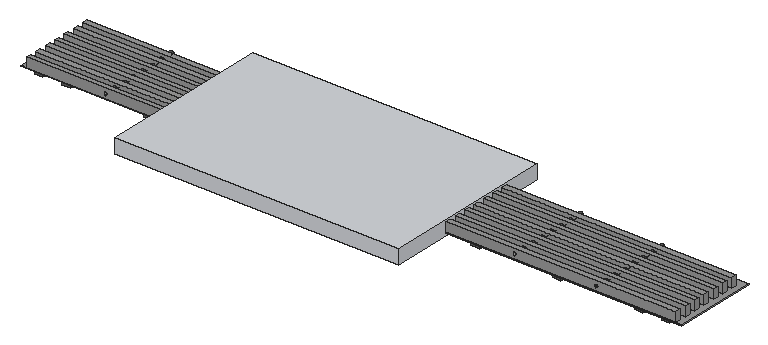
Revit family "1412-7, Veneer", category Generic Models, host Face, Revit 2020
Family settings
  Host = Face
  Can host rebar = No
  Round Connector Dimension = Use Diameter
  Part Type = Normal
  Cut with Voids When Loaded = No
  Shared = No
  Room Calculation Point = No
Parameters
  min_value [instance] = 2' - 4"  # constant formula
  max_value [instance] = 9' - 11 1/4"  # constant formula
  actual_value [instance] = if(NET LENGTH < min_value, min_value, if(NET LENGTH > max_value, max_value, NET LENGTH))  # 7' - 11 1/4"
  SCRIM MATERIAL [instance] = SCRIM
  SCRIM APPEARANCE [instance] = yes
  NET LENGTH [instance] = 7' - 11 1/4"
  IMPORTANT NOTE!!!                                                                             *Backer & dowel layout is for visualization purposes only, final layout to be determined by 9Wood. [instance] = ""
  Default Elevation = 4' - 0"
  DOWEL RADIUS [instance] = 0' - 0 1/4"  # constant formula
  BACKER & DOWEL MATERIAL [instance] = BLACK-BACKERS
  .. MEMBER WIDTH [instance] = 0' - 0 3/4"  # constant formula
  .. MEMBER MATERIAL [instance] = Veneer Cherry
  .. MEMBER DEPTH [instance] = 0' - 1 3/8"  # constant formula
  .. MEMBER COUNT [instance] = 7  # constant formula
Reference planes (in)
  plane 1 "Center (Front/Back)": y = 0
  plane 2: z = 0
  plane 3 "Center (Left/Right)": x = 0
Forms (in)
  Extrusion 1, solid
    sketch origin (0, 0, 0) x (1, 0, 0) y (0, 1, 0)
      loop
        line (-24.24823, 14.63962) -> (-24.24823, -10.69266) -> (17.36192, -10.69266) -> (17.36192, 14.63962) -> (-24.24823, 14.63962)
    from 0 to 2.0625
Dimensions and locks (in)
  aligned and locked: plane 2 to Extrusion 1
Nested families (in)
  nested 1: "1400 series" at (-44.01308, -2.1224, 0.00189), NET LENGTH <- "actual_value", .. MEMBER DEPTH <- ".. MEMBER DEPTH", .. MEMBER WIDTH <- ".. MEMBER WIDTH", DOWEL RADIUS <- "DOWEL RADIUS", BACKER & DOWEL MATERIAL <- "BACKER & DOWEL MATERIAL", .. MEMBER MATERIAL <- ".. MEMBER MATERIAL", SCRIM MATERIAL <- "SCRIM MATERIAL", MEMBER COUNT <- ".. MEMBER COUNT", SCRIM APPEARANCE <- "SCRIM APPEARANCE", type "1400 series"
    with X 7' - 8", SCRIM MATERIAL SCRIM, SCRIM LENGTH 8' - 1", SCRIM APPEARANCE yes, SCRIM 2 0' - 0 7/8", SCRIM 1 0' - 0 3/32", OC TYP 1' - 0", NET LENGTH 7' - 11 1/4", N 8, MEMBER COUNT 7, INSET 2 0' - 0 3/16", INSET 0' - 1", HALF MEMBER WIDTH 0' - 0 3/8", END BACKER yes, DOWEL RADIUS 0' - 0 1/4", DOWEL INDEX 0' - 11 5/8", DOWEL COUNT 7, BACKING M COUNT 8, BACKER WIDTH 0' - 1 1/4", BACKER INDEX 0' - 5 5/8", BACKER DEPTH 0' - 0 1/2", BACKER & DOWEL MATERIAL BLACK-BACKERS, BACKER &  DOWEL LENGTH 0' - 11 7/8", .. MEMBER WIDTH 0' - 0 3/4", .. MEMBER OC TYP 0' - 1.71429", .. MEMBER MATERIAL Veneer Cherry, .. MEMBER DEPTH 0' - 1 3/8"
Definition of nested family "1400 series"
  Parameters (values of type "1400 series")
    X [instance] = NET LENGTH - 0' 3 1/4"  # 7' - 2"
    SCRIM MATERIAL [instance] = none
    SCRIM APPEARANCE [instance] = yes
    SCRIM 2 [instance] = 0' - 0 7/8"  # constant formula
    SCRIM 1 [instance] = 0' - 0 3/32"  # constant formula
    OC TYP [instance] = 1' - 0"  # constant formula
    N [instance] = if((X - (rounddown(X / 1' 0") * 1' 0")) > 1' 0", rounddown(X / 1' 0") + 2, rounddown(X / 1' 0") + 1)  # 8
    MEMBER COUNT [instance] = 2
    INSET 5 = 0' - 0 11/16"  # constant formula
    INSET 2 [instance] = 0' - 0 3/16"  # constant formula
    INSET [instance] = 0' - 1"  # constant formula
    END BACKER [instance] = BACKER INDEX > 0' 3 5/8"  # no
    HALF MEMBER WIDTH [instance] = .. MEMBER WIDTH / 2  # 0' - 1 1/8"
    Default Elevation = 0' - 0"
    DOWEL RADIUS [instance] = 0' - 0 1/4"
    DOWEL INDEX [instance] = BACKER INDEX + 0' 6"  # 0' - 8 5/8"
    DOWEL COUNT [instance] = N - 1  # 7
    BACKER WIDTH [instance] = 0' - 1 1/4"  # constant formula
    BACKER INDEX [instance] = (NET LENGTH - ((N - 1) * 1' 0")) / 2  # 0' - 2 5/8"
    BACKER DEPTH [instance] = 0' - 0 1/2"  # constant formula
    BACKING M COUNT [instance] = N  # 8
    BACKER & DOWEL MATERIAL [instance] = none
    BACKER &  DOWEL LENGTH [instance] = 0' - 11 7/8"  # constant formula
    SCRIM LENGTH [instance] = NET LENGTH + (SCRIM 2 * 2)  # 7' - 7"
    .. MEMBER WIDTH [instance] = 0' - 2 1/4"
    .. MEMBER OC TYP [instance] = 1' 0" / MEMBER COUNT  # 0' - 6"
    .. MEMBER MATERIAL [instance] = none
    NET LENGTH [instance] = 7' - 5 1/4"
    .. MEMBER DEPTH [instance] = 0' - 4"
  Reference planes (in)
    plane 1 "Center (Front/Back)": y = 0
    plane 2: z = 0
    plane 3 "Center (Left/Right)": x = 0
    plane 4: x = 89.25
    plane 5: x = 1
    plane 6: x = 88.25
    plane 7: x = 2.625
    plane 8: x = 8.625
    plane 9: x = 14.625
    plane 10: x = 20.625
    plane 11: y = 0.1875
    plane 12: y = 1.125
    plane 13: y = 7.125
    plane 14: y = 12.0625
    plane 15: x = 90.125
    plane 16: x = -0.875
    plane 17: y = 12.15625
    plane 18: y = -0.09375
    plane 19: z = 2.7097
    plane 20: z = 0.49811
    plane 21: z = 0.56061
    plane 22: z = 1.24811
  Lines and regions (in)
    model lines, not visible
      curve 1: line (8.625, 0, 0.99811) -> (8.625, 0, 1.49811)
      curve 2: line (8.625, 0, 1.49811) -> (8.375, 0, 1.24811)
      curve 3: line (8.375, 0, 1.24811) -> (8.875, 0, 1.24811)
      curve 4: line (20.625, 0, 0.99811) -> (20.625, 0, 1.49811)
      curve 5: line (20.625, 0, 1.49811) -> (20.375, 0, 1.24811)
      curve 6: line (20.375, 0, 1.24811) -> (20.875, 0, 1.24811)
      curve 7: line (32.625, 0, 0.99811) -> (32.625, 0, 1.49811)
      curve 8: line (32.625, 0, 1.49811) -> (32.375, 0, 1.24811)
      curve 9: line (32.375, 0, 1.24811) -> (32.875, 0, 1.24811)
      curve 10: line (44.625, 0, 0.99811) -> (44.625, 0, 1.49811)
      curve 11: line (44.625, 0, 1.49811) -> (44.375, 0, 1.24811)
      curve 12: line (44.375, 0, 1.24811) -> (44.875, 0, 1.24811)
      curve 13: line (56.625, 0, 0.99811) -> (56.625, 0, 1.49811)
      curve 14: line (56.625, 0, 1.49811) -> (56.375, 0, 1.24811)
      curve 15: line (56.375, 0, 1.24811) -> (56.875, 0, 1.24811)
      curve 16: line (68.625, 0, 0.99811) -> (68.625, 0, 1.49811)
      curve 17: line (68.625, 0, 1.49811) -> (68.375, 0, 1.24811)
      curve 18: line (68.375, 0, 1.24811) -> (68.875, 0, 1.24811)
      curve 19: line (80.625, 0, 0.99811) -> (80.625, 0, 1.49811)
      curve 20: line (80.625, 0, 1.49811) -> (80.375, 0, 1.24811)
      curve 21: line (80.375, 0, 1.24811) -> (80.875, 0, 1.24811)
  Dimensions and locks (in)
    "INSET": plane 3 "Center (Left/Right)" to plane 5
    "NET LENGTH": plane 3 "Center (Left/Right)" to plane 4
    "INSET": plane 6 to plane 4
    "BACKER INDEX": plane 3 "Center (Left/Right)" to plane 7
    "DOWEL INDEX": plane 3 "Center (Left/Right)" to plane 8
    "OC TYP": plane 7 to plane 9
    "OC TYP": plane 8 to plane 10
    "INSET 2": plane 1 "Center (Front/Back)" to plane 11
    equal spacing: group 1, group 2, group 5, group 6, group 7, group 13, group 14, group 16  (x3)
    equal spacing: group 3, group 4, group 8, group 9, group 10, group 15, group 17  (x3)
    group 11 to group 12 = 0' - 0"  (x2)
    group 11 to group 12 = 0' - 6"
    ".. MEMBER OC TYP": plane 13 to plane 12
    "HALF MEMBER WIDTH": plane 1 "Center (Front/Back)" to plane 12
    "SCRIM 2": plane 16 to plane 3 "Center (Left/Right)"
    "SCRIM 2": plane 4 to plane 15
    "SCRIM 1": plane 18 to plane 1 "Center (Front/Back)"
    "SCRIM 1": plane 17 to plane 14
    "INSET 5": plane 22 to plane 21
    aligned and locked: level to plane 2
    aligned and locked: plane 7 to nested 2
    aligned and locked: plane 5 to nested 1
    aligned and locked: plane 9 to nested 3
    aligned and locked: nested 1 to plane 5
    aligned and locked: nested 2 to plane 11
    aligned and locked: nested 1 to plane 11
    aligned and locked: nested 3 to plane 11
    aligned and locked: nested 4 to plane 11  (x2)
    aligned and locked: plane 10 to nested 5
    aligned and locked: plane 6 to nested 12
    aligned and locked: nested 5 to plane 11
    aligned and locked: plane 11 to nested 12
    aligned and locked: plane 12 to nested 13
    aligned and locked: nested 14 to plane 13
    aligned and locked: plane 14 to nested 8
    aligned and locked: plane 16 to nested 15
    aligned and locked: nested 15 to plane 18
    aligned and locked: nested 15 to plane 17
    aligned and locked: nested 15 to plane 16  (x2)
    aligned and locked: nested 1 to level
    aligned and locked: level to nested 3
    aligned and locked: plane 20 to nested 2
    aligned and locked: plane 20 to nested 1
    aligned and locked: plane 20 to nested 3
    aligned and locked: nested 12 to plane 20
    aligned and locked: nested 15 to plane 20
    aligned and locked: plane 21 to nested 15
    aligned and locked: nested 13 to plane 21
    aligned and locked: plane 22 to nested 4
    aligned and locked: plane 22 to nested 5
    aligned and locked: nested 13 to plane 8
    aligned and locked: plane 10 to nested 13
    aligned and locked: curve 1 to nested 13
    aligned and locked: nested 13 to curve 4
  Automatic sketch dimensions
    curve 3 to curve 1 = 0' - 0 1/4"  (x2)
    curve 1 to curve 3 = 0' - 0 1/4"
    curve 1 to curve 2 = 0' - 0 1/4"
    curve 6 to curve 4 = 0' - 0 1/4"  (x2)
    curve 4 to curve 6 = 0' - 0 1/4"
    curve 4 to curve 5 = 0' - 0 1/4"
    curve 9 to curve 7 = 0' - 0 1/4"  (x2)
    curve 7 to curve 9 = 0' - 0 1/4"
    curve 7 to curve 8 = 0' - 0 1/4"
    curve 12 to curve 10 = 0' - 0 1/4"  (x2)
    curve 10 to curve 12 = 0' - 0 1/4"
    curve 10 to curve 11 = 0' - 0 1/4"
    curve 15 to curve 13 = 0' - 0 1/4"  (x2)
    curve 13 to curve 15 = 0' - 0 1/4"
    curve 13 to curve 14 = 0' - 0 1/4"
    curve 18 to curve 16 = 0' - 0 1/4"  (x2)
    curve 16 to curve 18 = 0' - 0 1/4"
    curve 16 to curve 17 = 0' - 0 1/4"
    curve 21 to curve 19 = 0' - 0 1/4"  (x2)
    curve 19 to curve 21 = 0' - 0 1/4"
    curve 19 to curve 20 = 0' - 0 1/4"
  Nested families (in)
    nested 1: "INSTANCE - 3RD -  EXTEND BOTH SIDES - Parametric Cube.0001" at (1, 0.1875, 0.49811), Length <- "BACKER &  DOWEL LENGTH", Width <- "BACKER WIDTH", Height <- "BACKER DEPTH", Material <- "BACKER & DOWEL MATERIAL", visible <- "END BACKER", type "INSTANCE - 3RD -  EXTEND BOTH SIDES - Parametric Cube.0001"
      with Width 0' - 1 1/4", Material none, Length 0' - 11 7/8", Height 0' - 0 1/2"
    nested 2: "INSTANCE - 2ND -  EXTEND SIDE H CENTER W - Parametric Cube.0001" at (2.625, 0.1875, 0.49811), Width <- "BACKER WIDTH", Length <- "BACKER &  DOWEL LENGTH", Height <- "BACKER DEPTH", Material <- "BACKER & DOWEL MATERIAL", type "INSTANCE - 2ND -  EXTEND SIDE H CENTER W - Parametric Cube.0001"
      with Width 0' - 1 1/4", Material none, Length 0' - 11 7/8", Height 0' - 0 1/2"
    nested 3: "INSTANCE - 2ND -  EXTEND SIDE H CENTER W - Parametric Cube.0001" at (14.625, 0.1875, 0.49811), Width <- "BACKER WIDTH", Length <- "BACKER &  DOWEL LENGTH", Height <- "BACKER DEPTH", Material <- "BACKER & DOWEL MATERIAL", type "INSTANCE - 2ND -  EXTEND SIDE H CENTER W - Parametric Cube.0001"
      with Width 0' - 1 1/4", Material none, Length 0' - 11 7/8", Height 0' - 0 1/2"
    nested 4: "DOWEL" at (-1.375, 0.1875, 1.24811), DOWEL LENGTH <- "BACKER &  DOWEL LENGTH", DOWEL RADII <- "DOWEL RADIUS", BACKING MEM MATERIAL <- "BACKER & DOWEL MATERIAL", type "DOWEL"
      with DOWEL RADII 0' - 0 1/4", DOWEL LENGTH 0' - 11 7/8", BACKING MEM MATERIAL none
    nested 5: "DOWEL" at (10.625, 0.1875, 1.24811), DOWEL LENGTH <- "BACKER &  DOWEL LENGTH", DOWEL RADII <- "DOWEL RADIUS", BACKING MEM MATERIAL <- "BACKER & DOWEL MATERIAL", type "DOWEL"
      with DOWEL RADII 0' - 0 1/4", DOWEL LENGTH 0' - 11 7/8", BACKING MEM MATERIAL none
    nested 6: "INSTANCE - 2ND -  EXTEND SIDE H CENTER W - Parametric Cube.0001" at (26.625, 0.1875, 0.49811), Width <- "BACKER WIDTH", Length <- "BACKER &  DOWEL LENGTH", Height <- "BACKER DEPTH", Material <- "BACKER & DOWEL MATERIAL", type "INSTANCE - 2ND -  EXTEND SIDE H CENTER W - Parametric Cube.0001"
      with Width 0' - 1 1/4", Material none, Length 0' - 11 7/8", Height 0' - 0 1/2"
    nested 7: "INSTANCE - 2ND -  EXTEND SIDE H CENTER W - Parametric Cube.0001" at (38.625, 0.1875, 0.49811), Width <- "BACKER WIDTH", Length <- "BACKER &  DOWEL LENGTH", Height <- "BACKER DEPTH", Material <- "BACKER & DOWEL MATERIAL", type "INSTANCE - 2ND -  EXTEND SIDE H CENTER W - Parametric Cube.0001"
      with Width 0' - 1 1/4", Material none, Length 0' - 11 7/8", Height 0' - 0 1/2"
    nested 8: "INSTANCE - 2ND -  EXTEND SIDE H CENTER W - Parametric Cube.0001" at (50.625, 0.1875, 0.49811), Width <- "BACKER WIDTH", Length <- "BACKER &  DOWEL LENGTH", Height <- "BACKER DEPTH", Material <- "BACKER & DOWEL MATERIAL", type "INSTANCE - 2ND -  EXTEND SIDE H CENTER W - Parametric Cube.0001"
      with Width 0' - 1 1/4", Material none, Length 0' - 11 7/8", Height 0' - 0 1/2"
    nested 9: "DOWEL" at (22.625, 0.1875, 1.24811), DOWEL LENGTH <- "BACKER &  DOWEL LENGTH", DOWEL RADII <- "DOWEL RADIUS", BACKING MEM MATERIAL <- "BACKER & DOWEL MATERIAL", type "DOWEL"
      with DOWEL RADII 0' - 0 1/4", DOWEL LENGTH 0' - 11 7/8", BACKING MEM MATERIAL none
    nested 10: "DOWEL" at (34.625, 0.1875, 1.24811), DOWEL LENGTH <- "BACKER &  DOWEL LENGTH", DOWEL RADII <- "DOWEL RADIUS", BACKING MEM MATERIAL <- "BACKER & DOWEL MATERIAL", type "DOWEL"
      with DOWEL RADII 0' - 0 1/4", DOWEL LENGTH 0' - 11 7/8", BACKING MEM MATERIAL none
    nested 11: "DOWEL" at (46.625, 0.1875, 1.24811), DOWEL LENGTH <- "BACKER &  DOWEL LENGTH", DOWEL RADII <- "DOWEL RADIUS", BACKING MEM MATERIAL <- "BACKER & DOWEL MATERIAL", type "DOWEL"
      with DOWEL RADII 0' - 0 1/4", DOWEL LENGTH 0' - 11 7/8", BACKING MEM MATERIAL none
    nested 12: "INSTANCE - 3RD -  EXTEND BOTH SIDES - Parametric Cube.0001" at (88.25, 0.1875, 0.49811) x (-1, 0, 0) z (0, 0, 1), Width <- "BACKER WIDTH", Length <- "BACKER &  DOWEL LENGTH", Height <- "BACKER DEPTH", Material <- "BACKER & DOWEL MATERIAL", visible <- "END BACKER", type "INSTANCE - 3RD -  EXTEND BOTH SIDES - Parametric Cube.0001"
      with Width 0' - 1 1/4", Material none, Length 0' - 11 7/8", Height 0' - 0 1/2"
    nested 13: "HOLED MEMBER" at (0, -9.75, 8.12965), DOWEL INDEX <- "DOWEL INDEX", .. MEMBER LENGTH <- "NET LENGTH", .. MEMBER WIDTH <- ".. MEMBER WIDTH", DOWEL OC DIST <- "OC TYP", DOWEL RADII <- "DOWEL RADIUS", Material <- ".. MEMBER MATERIAL", DEPTH <- ".. MEMBER DEPTH", DOWEL COUNT <- "DOWEL COUNT", Space <- "INSET 5", type "HOLED MEMBER"
      with Space 0' - 0 11/16", Material none, Height 0' - 10.43096", HALF MEMBER WIDTH 0' - 1 1/8", DOWEL RADII 0' - 0 1/4", DOWEL OC DIST 1' - 0", DOWEL INDEX 0' - 8 5/8", DOWEL COUNT 7, DEPTH 0' - 4", .. MEMBER WIDTH 0' - 2 1/4", .. MEMBER LENGTH 7' - 5 1/4"
    nested 14: "HOLED MEMBER" at (0, -3.75, 8.12965), DOWEL INDEX <- "DOWEL INDEX", .. MEMBER LENGTH <- "NET LENGTH", .. MEMBER WIDTH <- ".. MEMBER WIDTH", DOWEL OC DIST <- "OC TYP", DOWEL RADII <- "DOWEL RADIUS", Material <- ".. MEMBER MATERIAL", DEPTH <- ".. MEMBER DEPTH", DOWEL COUNT <- "DOWEL COUNT", Space <- "INSET 5", type "HOLED MEMBER"
      with Space 0' - 0 11/16", Material none, Height 0' - 10.43096", HALF MEMBER WIDTH 0' - 1 1/8", DOWEL RADII 0' - 0 1/4", DOWEL OC DIST 1' - 0", DOWEL INDEX 0' - 8 5/8", DOWEL COUNT 7, DEPTH 0' - 4", .. MEMBER WIDTH 0' - 2 1/4", .. MEMBER LENGTH 7' - 5 1/4"
    nested 15: "INSTANCE - 3RD -  EXTEND BOTH SIDES - Parametric Cube.0001" at (-0.875, -0.09375, 0.56061), Width <- "SCRIM LENGTH", Material <- "SCRIM MATERIAL", visible <- "SCRIM APPEARANCE", type "INSTANCE - 3RD -  EXTEND BOTH SIDES - Parametric Cube.0001"
      with Width 7' - 7", Material none, Length 1' - 0 1/4", Height 0' - 0 1/16"
    nested 16: "INSTANCE - 2ND -  EXTEND SIDE H CENTER W - Parametric Cube.0001" at (62.625, 0.1875, 0.49811), Width <- "BACKER WIDTH", Length <- "BACKER &  DOWEL LENGTH", Height <- "BACKER DEPTH", Material <- "BACKER & DOWEL MATERIAL", type "INSTANCE - 2ND -  EXTEND SIDE H CENTER W - Parametric Cube.0001"
      with Width 0' - 1 1/4", Material none, Length 0' - 11 7/8", Height 0' - 0 1/2"
    nested 17: "INSTANCE - 2ND -  EXTEND SIDE H CENTER W - Parametric Cube.0001" at (74.625, 0.1875, 0.49811), Width <- "BACKER WIDTH", Length <- "BACKER &  DOWEL LENGTH", Height <- "BACKER DEPTH", Material <- "BACKER & DOWEL MATERIAL", type "INSTANCE - 2ND -  EXTEND SIDE H CENTER W - Parametric Cube.0001"
      with Width 0' - 1 1/4", Material none, Length 0' - 11 7/8", Height 0' - 0 1/2"
    nested 18: "DOWEL" at (58.625, 0.1875, 1.24811), DOWEL LENGTH <- "BACKER &  DOWEL LENGTH", DOWEL RADII <- "DOWEL RADIUS", BACKING MEM MATERIAL <- "BACKER & DOWEL MATERIAL", type "DOWEL"
      with DOWEL RADII 0' - 0 1/4", DOWEL LENGTH 0' - 11 7/8", BACKING MEM MATERIAL none
    nested 19: "INSTANCE - 2ND -  EXTEND SIDE H CENTER W - Parametric Cube.0001" at (86.625, 0.1875, 0.49811), Width <- "BACKER WIDTH", Length <- "BACKER &  DOWEL LENGTH", Height <- "BACKER DEPTH", Material <- "BACKER & DOWEL MATERIAL", type "INSTANCE - 2ND -  EXTEND SIDE H CENTER W - Parametric Cube.0001"
      with Width 0' - 1 1/4", Material none, Length 0' - 11 7/8", Height 0' - 0 1/2"
    nested 20: "DOWEL" at (70.625, 0.1875, 1.24811), DOWEL LENGTH <- "BACKER &  DOWEL LENGTH", DOWEL RADII <- "DOWEL RADIUS", BACKING MEM MATERIAL <- "BACKER & DOWEL MATERIAL", type "DOWEL"
      with DOWEL RADII 0' - 0 1/4", DOWEL LENGTH 0' - 11 7/8", BACKING MEM MATERIAL none
  Definition of nested family "INSTANCE - 3RD -  EXTEND BOTH SIDES - Parametric Cube.0001"
    Parameters (values of type "INSTANCE - 3RD -  EXTEND BOTH SIDES - Parametric Cube.0001")
      Width [instance] = 0' - 6"
      Material [instance] = none
      Length [instance] = 1' - 0"
      Height [instance] = 1' - 6"
      Default Elevation = 0' - 0"
    Reference planes (in)
      plane 1 "Center (Front/Back)": y = 0
      plane 2: z = 0
      plane 3 "Center (Left/Right)": x = 0
      plane 4: x = 6
      plane 5: y = 12
      plane 6: z = -18
    Forms (in)
      Extrusion 1, solid, material <- "Material"
        sketch origin (0, 6, 0) x (1, 0, 0) y (0, 1, 0)
          loop
            line (0, 6) -> (0, -6) -> (6, -6) -> (6, 6) -> (0, 6)
        from -18 to 0
    Dimensions and locks (in)
      "Height": plane 6 to level
      "Length": plane 1 "Center (Front/Back)" to plane 5
      "Width": plane 3 "Center (Left/Right)" to plane 4
      aligned and locked: plane 2 to level
      aligned and locked: Extrusion 1 sketch curve to plane 4
      aligned and locked: Extrusion 1 to plane 6
      aligned and locked: plane 5 to Extrusion 1
      aligned and locked: Extrusion 1 to plane 3 "Center (Left/Right)"
    Automatic sketch dimensions
      plane 1 "Center (Front/Back)" to Extrusion 1 sketch curve = 0' - 0"
      plane 5 to Extrusion 1 sketch curve = 0' - 0"
      Extrusion 1 sketch curve to plane 3 "Center (Left/Right)" = 0' - 0"
  Definition of nested family "INSTANCE - 2ND -  EXTEND SIDE H CENTER W - Parametric Cube.0001"
    Parameters (values of type "INSTANCE - 2ND -  EXTEND SIDE H CENTER W - Parametric Cube.0001")
      Width [instance] = 0' - 6"
      Material [instance] = none
      Length [instance] = 1' - 0"
      Height [instance] = 1' - 6"
      Default Elevation = 0' - 0"
    Reference planes (in)
      plane 1 "Center (Front/Back)": y = 0
      plane 2: z = 0
      plane 3 "Center (Left/Right)": x = 0
      plane 4: x = -3
      plane 5: x = 3
      plane 6: y = 12
      plane 7: z = -18
    Forms (in)
      Extrusion 1, solid, material <- "Material"
        sketch origin (0, 6, 0) x (1, 0, 0) y (0, 1, 0)
          loop
            line (-3, 6) -> (-3, -6) -> (3, -6) -> (3, 6) -> (-3, 6)
        from -18 to 0
    Dimensions and locks (in)
      equal spacing: plane 4, plane 3 "Center (Left/Right)", plane 5
      "Width": plane 4 to plane 5
      "Height": plane 7 to level
      "Length": plane 1 "Center (Front/Back)" to plane 6
      aligned and locked: plane 2 to level
      aligned and locked: plane 4 to Extrusion 1 sketch curve
      aligned and locked: Extrusion 1 sketch curve to plane 5
      aligned and locked: Extrusion 1 to plane 7
      aligned and locked: plane 6 to Extrusion 1
    Automatic sketch dimensions
      plane 1 "Center (Front/Back)" to Extrusion 1 sketch curve = 0' - 0"
      plane 6 to Extrusion 1 sketch curve = 0' - 0"
  Definition of nested family "DOWEL"
    Parameters (values of type "DOWEL")
      Default Elevation = 0' - 0"
      DOWEL RADII [instance] = 0' - 0 5/8"
      DOWEL LENGTH [instance] = 1' - 0"
      BACKING MEM MATERIAL [instance] = none
    Reference planes (in)
      plane 1 "Center (Front/Back)": y = 0
      plane 2: z = 0
      plane 3 "Center (Left/Right)": x = 0
      plane 4: y = 12
    Forms (in)
      Extrusion 1, solid, material <- "BACKING MEM MATERIAL"
        sketch origin (10, 0, 0) x (1, 0, 0) y (0, 0, 1)
          loop
            circle (0, 0) r 0.625
        from 0 to -12
      Extrusion 2, solid, not visible
        sketch origin (0, 0, 0) x (1, 0, 0) y (0, 0, 1)
          loop
            circle (0, 0) r 0.625
        from 0 to 12
      Extrusion 3, solid, not visible
        sketch origin (10, 0, 0) x (1, 0, 0) y (0, 0, 1)
          loop
            circle (0, 0) r 0.625
        from 0 to 2.5
      Extrusion 4, solid, not visible
        sketch origin (10, 0, 0) x (1, 0, 0) y (0, 0, 1)
          loop
            circle (0, 0) r 0.625
        from 0 to -12
    Lines and regions (in)
      model lines, not visible
        curve 1: line (-13, 0, 0) -> (-13, -12, 0)
        curve 2: line (13, 0, 0) -> (13, -12, 0)
        curve 3: line (9.89453, 0, 0) -> (10.08794, 0, 0)
        curve 4: line (9.89453, -2.5, 0) -> (10.08794, -2.5, 0)
        curve 6: line (10, 0, 0) -> (10, 2, 0)
      model lines
        curve 5: line (10, 0, 0) -> (10, 2, 0)
    Dimensions and locks (in)
      "DOWEL LENGTH": plane 1 "Center (Front/Back)" to plane 4
      "DOWEL RADII": radius of Extrusion 1 sketch curve
      "DOWEL RADII": radius of Extrusion 2 sketch curve
      "DOWEL RADII": radius of Extrusion 3 sketch curve
      "DOWEL RADII": radius of Extrusion 4 sketch curve
      "DOWEL RADII": radius of Extrusion 1
      aligned and locked: plane 2 to level
      aligned and locked: Extrusion 1 to plane 1 "Center (Front/Back)"  (x3)
      aligned and locked: plane 1 "Center (Front/Back)" to Extrusion 1
      aligned and locked: plane 4 to Extrusion 1
    Automatic sketch dimensions
      plane 1 "Center (Front/Back)" to curve 5 = 0' - 0"
      curve 5 to plane 1 "Center (Front/Back)" = 0' - 2"
      plane 3 "Center (Left/Right)" to curve 5 = 0' - 10"
      Extrusion 1 sketch curve to level = 0' - 0"
      plane 3 "Center (Left/Right)" to Extrusion 1 sketch curve = 0' - 10"
  Definition of nested family "HOLED MEMBER"
    Parameters (values of type "HOLED MEMBER")
      Space [instance] = 0' - 0 5/8"
      Material [instance] = none
      Height [instance] = 0' - 10.43096"
      HALF MEMBER WIDTH [instance] = .. MEMBER WIDTH / 2  # 0' - 0 5/16"
      Default Elevation = 0' - 0"
      DOWEL RADII [instance] = 0' - 0.34537"
      DOWEL OC DIST [instance] = 1' - 0"
      DOWEL INSET = 0' - 0 5/8"
      DOWEL INDEX [instance] = 0' - 5 5/8"
      DOWEL COUNT [instance] = 6
      DEPTH [instance] = 0' - 2"
      .. MEMBER WIDTH [instance] = 0' - 0 5/8"
      .. MEMBER LENGTH [instance] = 5' - 11 3/4"
    Reference planes (in)
      plane 1 "Center (Front/Back)": y = 12
      plane 2: z = -7.56904
      plane 3 "Center (Left/Right)": x = 0
      plane 4: x = 5.625
      plane 5: x = 17.625
      plane 6: y = 11.375
      plane 7: x = 71.75
      plane 8: y = 11.6875
      plane 9: z = -6.94404
      plane 10: z = -5.56904
    Forms (in)
      Extrusion 1, solid, material <- "Material"
        sketch origin (0, 12, -13.56904) x (1, 0, 0) y (0, 0, 1)
          loop
            line (0, 6) -> (71.75, 6) -> (71.75, 8) -> (0, 8) -> (0, 6)
        from 0.625 to 0
      Extrusion 2, void
        sketch origin (0, 12, -18.31904) x (1, 0, 0) y (0, 0, 1)
          loop
            circle (5.625, 11.375) r 0.34537
        from 0 to 12
      Extrusion 3, void, not visible
        sketch origin (0, 0, 0) x (1, 0, 0) y (0, 1, 0)
          loop
            circle (5.625, 11.375) r 0.34537
        from 0 to 12
      Extrusion 4, void, not visible
        sketch origin (0, 0, 0) x (1, 0, 0) y (0, 1, 0)
          loop
            circle (5.625, 11.375) r 0.34537
        from 0 to 12
      Extrusion 5, void, not visible
        sketch origin (12, 0, 0) x (1, 0, 0) y (0, 1, 0)
          loop
            circle (5.625, 11.375) r 0.34537
        from 0 to 12
      Extrusion 6, void, not visible
        sketch origin (0, 12, -17.56904) x (1, 0, 0) y (0, 0, 1)
          loop
            circle (5.625, 11.375) r 0.34537
        from 0 to 12
      Extrusion 7, void, not visible
        sketch origin (12, 12, -17.56904) x (1, 0, 0) y (0, 0, 1)
          loop
            circle (5.625, 11.375) r 0.34537
        from 0 to 12
      Extrusion 8, void, not visible
        sketch origin (0, 12, -19.56904) x (1, 0, 0) y (0, 0, 1)
          loop
            circle (5.625, 11.375) r 0.34537
        from 0 to 12
      Extrusion 9, void
        sketch origin (12, 12, -18.31904) x (1, 0, 0) y (0, 0, 1)
          loop
            circle (5.625, 11.375) r 0.34537
        from 0 to 12
      Extrusion 10, void
        sketch origin (24, 12, -18.31904) x (1, 0, 0) y (0, 0, 1)
          loop
            circle (5.625, 11.375) r 0.34537
        from 0 to 12
      Extrusion 11, void
        sketch origin (36, 12, -18.31904) x (1, 0, 0) y (0, 0, 1)
          loop
            circle (5.625, 11.375) r 0.34537
        from 0 to 12
      Extrusion 12, void
        sketch origin (48, 12, -18.31904) x (1, 0, 0) y (0, 0, 1)
          loop
            circle (5.625, 11.375) r 0.34537
        from 0 to 12
      Extrusion 13, void
        sketch origin (60, 12, -18.31904) x (1, 0, 0) y (0, 0, 1)
          loop
            circle (5.625, 11.375) r 0.34537
        from 0 to 12
      Extrusion 14, void, not visible
        sketch origin (24, 12, -17.56904) x (1, 0, 0) y (0, 0, 1)
          loop
            circle (5.625, 11.375) r 0.34537
        from 0 to 12
      Extrusion 15, void, not visible
        sketch origin (36, 12, -17.56904) x (1, 0, 0) y (0, 0, 1)
          loop
            circle (5.625, 11.375) r 0.34537
        from 0 to 12
      Extrusion 16, void, not visible
        sketch origin (48, 12, -17.56904) x (1, 0, 0) y (0, 0, 1)
          loop
            circle (5.625, 11.375) r 0.34537
        from 0 to 12
      Extrusion 17, void, not visible
        sketch origin (60, 12, -17.56904) x (1, 0, 0) y (0, 0, 1)
          loop
            circle (5.625, 11.375) r 0.34537
        from 0 to 12
      Extrusion 18, void, not visible
        sketch origin (24, 0, 0) x (1, 0, 0) y (0, 1, 0)
          loop
            circle (5.625, 11.375) r 0.34537
        from 0 to 12
      Extrusion 19, void, not visible
        sketch origin (36, 0, 0) x (1, 0, 0) y (0, 1, 0)
          loop
            circle (5.625, 11.375) r 0.34537
        from 0 to 12
      Extrusion 20, void, not visible
        sketch origin (48, 0, 0) x (1, 0, 0) y (0, 1, 0)
          loop
            circle (5.625, 11.375) r 0.34537
        from 0 to 12
      Extrusion 21, void, not visible
        sketch origin (60, 0, 0) x (1, 0, 0) y (0, 1, 0)
          loop
            circle (5.625, 11.375) r 0.34537
        from 0 to 12
    Cuts and joins
      Extrusion 2, Extrusion 9, Extrusion 10, Extrusion 11, Extrusion 12, Extrusion 13 cuts Extrusion 1
    Lines and regions (in)
      model lines, not visible
        curve 1: line (5.625, 11.72037, 0) -> (5.625, 11.02963, 0)
        curve 2: line (5.625, 11.72037, 0) -> (5.625, 11.02963, 0)
        curve 3: line (17.625, 11.72037, 0) -> (17.625, 11.02963, 0)
        curve 4: line (5.625, 12, -7.56904) -> (5.625, 11.87317, -7.56904)
        curve 5: line (5.625, 11.87317, -7.56904) -> (5.06195, 11.87317, -7.56904)
        curve 6: line (5.06195, 11.87317, -7.56904) -> (5.27963, 11.375, -7.56904)
        curve 7: line (0, 12, -6.19404) -> (0, 11.61951, -6.19404)
        curve 9: line (0, 11.375, -8.19404) -> (0, 11.6747, -8.19404)
        curve 10: line (5.625, 12, -7.56904) -> (5.625, 11.69863, -7.56904)
        curve 11: line (5.625, 12, -7.56904) -> (5.625, 11.69863, -7.56904)
        curve 12: line (5.625, 10.75, 0) -> (5.625, 10.75, 0.30137)
        curve 13: line (5.625, 10.75, 0) -> (5.625, 10.75, 0.30137)
        curve 14: line (17.625, 10.75, 0) -> (17.625, 10.75, 0.30137)
        curve 15: line (5.625, 12, -6.81904) -> (5.625, 11.69863, -6.81904)
        curve 16: line (17.625, 12, -6.81904) -> (17.625, 11.69863, -6.81904)
        curve 17: line (5.625, 12, -8.81904) -> (5.625, 11.69863, -8.81904)
        curve 18: line (17.625, 12, -7.56904) -> (17.625, 11.69863, -7.56904)
        curve 19: line (29.625, 12, -7.56904) -> (29.625, 11.69863, -7.56904)
        curve 20: line (41.625, 12, -7.56904) -> (41.625, 11.69863, -7.56904)
        curve 21: line (53.625, 12, -7.56904) -> (53.625, 11.69863, -7.56904)
        curve 22: line (65.625, 12, -7.56904) -> (65.625, 11.69863, -7.56904)
        curve 23: line (29.625, 12, -6.81904) -> (29.625, 11.69863, -6.81904)
        curve 24: line (41.625, 12, -6.81904) -> (41.625, 11.69863, -6.81904)
        curve 25: line (53.625, 12, -6.81904) -> (53.625, 11.69863, -6.81904)
        curve 26: line (65.625, 12, -6.81904) -> (65.625, 11.69863, -6.81904)
        curve 27: line (29.625, 11.72037, 0) -> (29.625, 11.02963, 0)
        curve 28: line (29.625, 10.75, 0) -> (29.625, 10.75, 0.30137)
        curve 29: line (41.625, 11.72037, 0) -> (41.625, 11.02963, 0)
        curve 30: line (41.625, 10.75, 0) -> (41.625, 10.75, 0.30137)
        curve 31: line (53.625, 11.72037, 0) -> (53.625, 11.02963, 0)
        curve 32: line (53.625, 10.75, 0) -> (53.625, 10.75, 0.30137)
        curve 33: line (65.625, 11.72037, 0) -> (65.625, 11.02963, 0)
        curve 34: line (65.625, 10.75, 0) -> (65.625, 10.75, 0.30137)
        curve 35: line (5.27963, 12, -6.94404) -> (5.97037, 12, -6.94404)
        curve 36: line (5.97037, 12, -6.94404) -> (5.625, 12, -6.59867)
        curve 37: line (5.625, 12, -6.59867) -> (5.625, 12, -7.28941)
        curve 38: line (5.27963, 11.375, 0) -> (5.97037, 11.375, 0)
        curve 39: line (5.97037, 11.375, 0) -> (5.625, 11.72037, 0)
        curve 40: line (5.625, 11.72037, 0) -> (5.625, 11.02963, 0)
        curve 41: line (5.27963, 11.375, 0) -> (5.97037, 11.375, 0)
        curve 42: line (5.97037, 11.375, 0) -> (5.625, 11.72037, 0)
        curve 43: line (5.625, 11.72037, 0) -> (5.625, 11.02963, 0)
        curve 44: line (17.27963, 11.375, 0) -> (17.97037, 11.375, 0)
        curve 45: line (17.97037, 11.375, 0) -> (17.625, 11.72037, 0)
        curve 46: line (17.625, 11.72037, 0) -> (17.625, 11.02963, 0)
        curve 47: line (5.27963, 12, -6.19404) -> (5.97037, 12, -6.19404)
        curve 48: line (5.97037, 12, -6.19404) -> (5.625, 12, -5.84867)
        curve 49: line (5.625, 12, -5.84867) -> (5.625, 12, -6.53941)
        curve 50: line (17.27963, 12, -6.19404) -> (17.97037, 12, -6.19404)
        curve 51: line (17.97037, 12, -6.19404) -> (17.625, 12, -5.84867)
        curve 52: line (17.625, 12, -5.84867) -> (17.625, 12, -6.53941)
        curve 53: line (5.27963, 12, -8.19404) -> (5.97037, 12, -8.19404)
        curve 54: line (5.97037, 12, -8.19404) -> (5.625, 12, -7.84867)
        curve 55: line (5.625, 12, -7.84867) -> (5.625, 12, -8.53941)
        curve 56: line (17.27963, 12, -6.94404) -> (17.97037, 12, -6.94404)
        curve 57: line (17.97037, 12, -6.94404) -> (17.625, 12, -6.59867)
        curve 58: line (17.625, 12, -6.59867) -> (17.625, 12, -7.28941)
        curve 59: line (29.27963, 12, -6.94404) -> (29.97037, 12, -6.94404)
        curve 60: line (29.97037, 12, -6.94404) -> (29.625, 12, -6.59867)
        curve 61: line (29.625, 12, -6.59867) -> (29.625, 12, -7.28941)
        curve 62: line (41.27963, 12, -6.94404) -> (41.97037, 12, -6.94404)
        curve 63: line (41.97037, 12, -6.94404) -> (41.625, 12, -6.59867)
        curve 64: line (41.625, 12, -6.59867) -> (41.625, 12, -7.28941)
        curve 65: line (53.27963, 12, -6.94404) -> (53.97037, 12, -6.94404)
        curve 66: line (53.97037, 12, -6.94404) -> (53.625, 12, -6.59867)
        curve 67: line (53.625, 12, -6.59867) -> (53.625, 12, -7.28941)
        curve 68: line (65.27963, 12, -6.94404) -> (65.97037, 12, -6.94404)
        curve 69: line (65.97037, 12, -6.94404) -> (65.625, 12, -6.59867)
        curve 70: line (65.625, 12, -6.59867) -> (65.625, 12, -7.28941)
        curve 71: line (29.27963, 12, -6.19404) -> (29.97037, 12, -6.19404)
        curve 72: line (29.97037, 12, -6.19404) -> (29.625, 12, -5.84867)
        curve 73: line (29.625, 12, -5.84867) -> (29.625, 12, -6.53941)
        curve 74: line (41.27963, 12, -6.19404) -> (41.97037, 12, -6.19404)
        curve 75: line (41.97037, 12, -6.19404) -> (41.625, 12, -5.84867)
        curve 76: line (41.625, 12, -5.84867) -> (41.625, 12, -6.53941)
        curve 77: line (53.27963, 12, -6.19404) -> (53.97037, 12, -6.19404)
        curve 78: line (53.97037, 12, -6.19404) -> (53.625, 12, -5.84867)
        curve 79: line (53.625, 12, -5.84867) -> (53.625, 12, -6.53941)
        curve 80: line (65.27963, 12, -6.19404) -> (65.97037, 12, -6.19404)
        curve 81: line (65.97037, 12, -6.19404) -> (65.625, 12, -5.84867)
        curve 82: line (65.625, 12, -5.84867) -> (65.625, 12, -6.53941)
        curve 83: line (29.27963, 11.375, 0) -> (29.97037, 11.375, 0)
        curve 84: line (29.97037, 11.375, 0) -> (29.625, 11.72037, 0)
        curve 85: line (29.625, 11.72037, 0) -> (29.625, 11.02963, 0)
        curve 86: line (41.27963, 11.375, 0) -> (41.97037, 11.375, 0)
        curve 87: line (41.97037, 11.375, 0) -> (41.625, 11.72037, 0)
        curve 88: line (41.625, 11.72037, 0) -> (41.625, 11.02963, 0)
        curve 89: line (53.27963, 11.375, 0) -> (53.97037, 11.375, 0)
        curve 90: line (53.97037, 11.375, 0) -> (53.625, 11.72037, 0)
        curve 91: line (53.625, 11.72037, 0) -> (53.625, 11.02963, 0)
        curve 92: line (65.27963, 11.375, 0) -> (65.97037, 11.375, 0)
        curve 93: line (65.97037, 11.375, 0) -> (65.625, 11.72037, 0)
        curve 94: line (65.625, 11.72037, 0) -> (65.625, 11.02963, 0)
      model lines
        curve 8: line (5.625, 12, -7.56904) -> (5.625, 11.69863, -7.56904)
    Dimensions and locks (in)
      "DOWEL INDEX": plane 3 "Center (Left/Right)" to plane 4
      "DOWEL OC DIST": plane 4 to plane 5
      ".. MEMBER LENGTH": plane 3 "Center (Left/Right)" to plane 7
      equal spacing: group 3, group 4, group 21, group 22, group 23, group 24  (x3)
      equal spacing: group 7, group 8, group 17, group 18, group 19, group 20  (x3)
      ".. MEMBER WIDTH": plane 6 to plane 1 "Center (Front/Back)"
      "HALF MEMBER WIDTH": plane 8 to plane 1 "Center (Front/Back)"
      equal spacing: group 1, group 12, group 13, group 14, group 15, group 16  (x2)
      equal spacing: group 16, group 15, group 14, group 13, group 12, group 1
      "DEPTH": plane 10 to level
      "Space": plane 9 to level
      "DOWEL RADII": radius of Extrusion 2 sketch curve
      "DOWEL RADII": radius of Extrusion 3 sketch curve
      "DOWEL RADII": radius of Extrusion 4 sketch curve
      "DOWEL RADII": radius of Extrusion 5 sketch curve
      "DOWEL RADII": radius of Extrusion 6 sketch curve
      "DOWEL RADII": radius of Extrusion 7 sketch curve
      "DOWEL RADII": radius of Extrusion 8 sketch curve
      "DOWEL RADII": radius of Extrusion 9 sketch curve
      "DOWEL RADII": radius of Extrusion 10 sketch curve
      "DOWEL RADII": radius of Extrusion 11 sketch curve
      "DOWEL RADII": radius of Extrusion 12 sketch curve
      "DOWEL RADII": radius of Extrusion 13 sketch curve
      "DOWEL RADII": radius of Extrusion 14 sketch curve
      "DOWEL RADII": radius of Extrusion 15 sketch curve
      "DOWEL RADII": radius of Extrusion 16 sketch curve
      "DOWEL RADII": radius of Extrusion 17 sketch curve
      "DOWEL RADII": radius of Extrusion 18 sketch curve
      "DOWEL RADII": radius of Extrusion 19 sketch curve
      "DOWEL RADII": radius of Extrusion 20 sketch curve
      "DOWEL RADII": radius of Extrusion 21 sketch curve
      aligned and locked: level to plane 2
      aligned and locked: Extrusion 1 to plane 3 "Center (Left/Right)"  (x2)
      aligned and locked: plane 7 to cut or joined group of Extrusion 1, Extrusion 2, Extrusion 9, Extrusion 10, Extrusion 11, Extrusion 12, Extrusion 13  (x2)
      aligned and locked: cut or joined group of Extrusion 1, Extrusion 2, Extrusion 9, Extrusion 10, Extrusion 11, Extrusion 12, Extrusion 13 to plane 1 "Center (Front/Back)"  (x2)
      aligned and locked: cut or joined group of Extrusion 1, Extrusion 2, Extrusion 9, Extrusion 10, Extrusion 11, Extrusion 12, Extrusion 13 to plane 6  (x2)
      aligned and locked: plane 4 to curve 11
      aligned and locked: curve 18 to plane 5
      aligned and locked: plane 4 to group 1
      aligned and locked: group 12 to plane 5
      aligned and locked: curve 35 to plane 9
      aligned and locked: plane 4 to curve 37
      aligned and locked: curve 56 to plane 9
      aligned and locked: curve 58 to plane 5
      aligned and locked: plane 10 to cut or joined group of Extrusion 1, Extrusion 2, Extrusion 9, Extrusion 10, Extrusion 11, Extrusion 12, Extrusion 13  (x2)
      aligned and locked: cut or joined group of Extrusion 1, Extrusion 2, Extrusion 9, Extrusion 10, Extrusion 11, Extrusion 12, Extrusion 13 to level
      aligned and locked: level to cut or joined group of Extrusion 1, Extrusion 2, Extrusion 9, Extrusion 10, Extrusion 11, Extrusion 12, Extrusion 13
    Automatic sketch dimensions
      curve 1 to curve 1 = 0' - 0.69074"
      curve 2 to curve 2 = 0' - 0.69074"
      curve 3 to curve 3 = 0' - 0.69074"
      Extrusion 1 sketch curve to plane 3 "Center (Left/Right)" = 0' - 0"
      Extrusion 1 sketch curve to plane 7 = 0' - 0"
      Extrusion 1 sketch curve to Extrusion 1 sketch curve = 0' - 2"
      Extrusion 1 sketch curve to level = 0' - 0"
      curve 8 to curve 8 = 0' - 0.30137"
      curve 10 to curve 10 = 0' - 0.30137"
      curve 8 to plane 4 = 0' - 0"
      plane 1 "Center (Front/Back)" to curve 8 = 0' - 0"
      plane 1 "Center (Front/Back)" to curve 8 = 0' - 0.30137"
      curve 11 to curve 11 = 0' - 0.30137"
      curve 12 to curve 12 = 0' - 0.30137"
      curve 13 to curve 13 = 0' - 0.30137"
      curve 14 to curve 14 = 0' - 0.30137"
      curve 15 to curve 15 = 0' - 0.30137"
      curve 16 to curve 16 = 0' - 0.30137"
      curve 17 to curve 17 = 0' - 0.30137"
      curve 18 to curve 18 = 0' - 0.30137"
      curve 19 to curve 19 = 0' - 0.30137"
      curve 20 to curve 20 = 0' - 0.30137"
      curve 21 to curve 21 = 0' - 0.30137"
      curve 22 to curve 22 = 0' - 0.30137"
      curve 23 to curve 23 = 0' - 0.30137"
      curve 24 to curve 24 = 0' - 0.30137"
      curve 25 to curve 25 = 0' - 0.30137"
      curve 26 to curve 26 = 0' - 0.30137"
      curve 27 to curve 27 = 0' - 0.69074"
      curve 28 to curve 28 = 0' - 0.30137"
      curve 29 to curve 29 = 0' - 0.69074"
      curve 30 to curve 30 = 0' - 0.30137"
      curve 31 to curve 31 = 0' - 0.69074"
      curve 32 to curve 32 = 0' - 0.30137"
      curve 33 to curve 33 = 0' - 0.69074"
      curve 34 to curve 34 = 0' - 0.30137"
      curve 37 to curve 35 = 0' - 0.34537"  (x2)
      curve 35 to curve 36 = 0' - 0.34537"
      curve 35 to curve 37 = 0' - 0.34537"
      curve 40 to curve 38 = 0' - 0.34537"  (x2)
      curve 38 to curve 39 = 0' - 0.34537"
      curve 38 to curve 40 = 0' - 0.34537"
      curve 43 to curve 41 = 0' - 0.34537"  (x2)
      curve 41 to curve 42 = 0' - 0.34537"
      curve 41 to curve 43 = 0' - 0.34537"
      curve 46 to curve 44 = 0' - 0.34537"  (x2)
      curve 44 to curve 45 = 0' - 0.34537"
      curve 44 to curve 46 = 0' - 0.34537"
      curve 49 to curve 47 = 0' - 0.34537"  (x2)
      curve 47 to curve 48 = 0' - 0.34537"
      curve 47 to curve 49 = 0' - 0.34537"
      curve 52 to curve 50 = 0' - 0.34537"  (x2)
      curve 50 to curve 51 = 0' - 0.34537"
      curve 50 to curve 52 = 0' - 0.34537"
      curve 55 to curve 53 = 0' - 0.34537"  (x2)
      curve 53 to curve 54 = 0' - 0.34537"
      curve 53 to curve 55 = 0' - 0.34537"
      curve 58 to curve 56 = 0' - 0.34537"  (x2)
      curve 56 to curve 57 = 0' - 0.34537"
      curve 56 to curve 58 = 0' - 0.34537"
      curve 61 to curve 59 = 0' - 0.34537"  (x2)
      curve 59 to curve 60 = 0' - 0.34537"
      curve 59 to curve 61 = 0' - 0.34537"
      curve 64 to curve 62 = 0' - 0.34537"  (x2)
      curve 62 to curve 63 = 0' - 0.34537"
      curve 62 to curve 64 = 0' - 0.34537"
      curve 67 to curve 65 = 0' - 0.34537"  (x2)
      curve 65 to curve 66 = 0' - 0.34537"
      curve 65 to curve 67 = 0' - 0.34537"
      curve 70 to curve 68 = 0' - 0.34537"  (x2)
      curve 68 to curve 69 = 0' - 0.34537"
      curve 68 to curve 70 = 0' - 0.34537"
      curve 73 to curve 71 = 0' - 0.34537"  (x2)
      curve 71 to curve 72 = 0' - 0.34537"
      curve 71 to curve 73 = 0' - 0.34537"
      curve 76 to curve 74 = 0' - 0.34537"  (x2)
      curve 74 to curve 75 = 0' - 0.34537"
      curve 74 to curve 76 = 0' - 0.34537"
      curve 79 to curve 77 = 0' - 0.34537"  (x2)
      curve 77 to curve 78 = 0' - 0.34537"
      curve 77 to curve 79 = 0' - 0.34537"
      curve 82 to curve 80 = 0' - 0.34537"  (x2)
      curve 80 to curve 81 = 0' - 0.34537"
      curve 80 to curve 82 = 0' - 0.34537"
      curve 85 to curve 83 = 0' - 0.34537"  (x2)
      curve 83 to curve 84 = 0' - 0.34537"
      curve 83 to curve 85 = 0' - 0.34537"
      curve 88 to curve 86 = 0' - 0.34537"  (x2)
      curve 86 to curve 87 = 0' - 0.34537"
      curve 86 to curve 88 = 0' - 0.34537"
      curve 91 to curve 89 = 0' - 0.34537"  (x2)
      curve 89 to curve 90 = 0' - 0.34537"
      curve 89 to curve 91 = 0' - 0.34537"
      curve 94 to curve 92 = 0' - 0.34537"  (x2)
      curve 92 to curve 93 = 0' - 0.34537"
      curve 92 to curve 94 = 0' - 0.34537"
